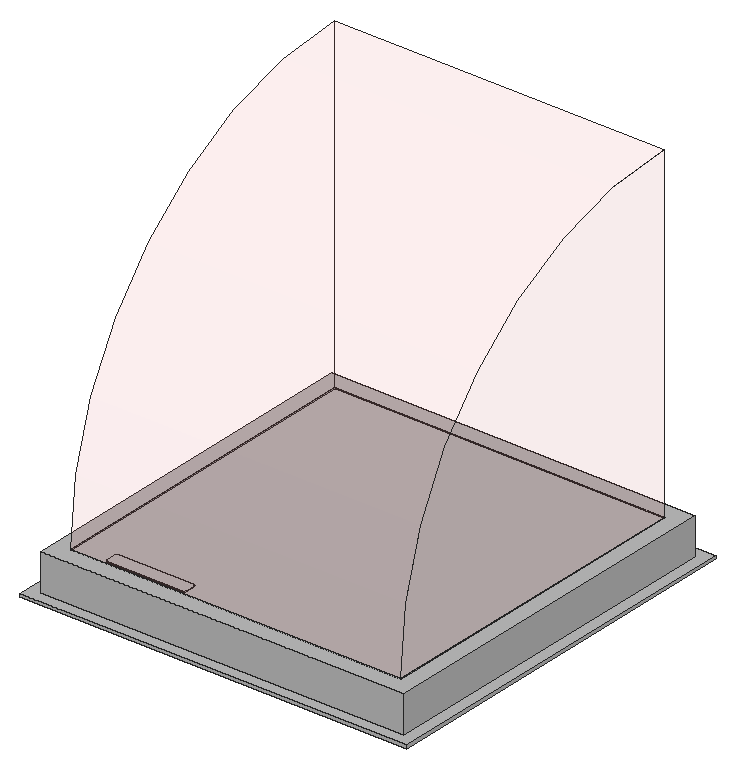
Revit family "Door_Access_Floor_Acudor_FC-300", category Generic Models, host Face, Revit 2020
Family settings
  Host = Face
  Can host rebar = No
  Round Connector Dimension = Use Diameter
  Part Type = Normal
  Cut with Voids When Loaded = No
  Shared = No
  Room Calculation Point = No
Parameters
  halfswing = (Door Width / 2)  # 1' - 2 1/2"
  Warranty Duration (Years) = 0
  Unit Width = 2' - 0"
  Unit Weight = 0
  Unit Height = 2' - 0"
  Unit Depth = 0' - 3 1/2"
  URL = "http://www.acudor.com/"
  Test Data = ""
  Swing Clearance Visible [instance] = yes
  Standards Conformance = "as Specified"
  Specification = ""
  SpecWizard = ""
  SingleSwing [instance] = and(Single Leaf, Swing Clearance Visible)  # yes
  Single Leaf = Unit Width < 4' 0"  # yes
  Send Message = ""
  Sales Information = "http://www.acudor.com/contactus"
  Revision = "R1_2017-03"
  Product Properties = ""
  Product Data = "http://www.arcat.com/arcatcos/cos30/arc30126.html"
  Overall Width = 2' - 8"
  Overall Height = 2' - 8"
  Opening Width = Unit Width  # 2' - 0"
  Opening Height = Unit Height  # 2' - 0"
  Opening Depth [instance] = 1' - 0"
  Model = "As Specified"
  Manufacturer Website = "http://www.acudor.com/"
  Manufacturer Phone - Toll Free = "800-722-0501"
  Manufacturer Phone = "973-575-5120"
  Manufacturer Fax = "973-575-5160"
  Manufacturer Address = "80 Little Falls Rd.  Fairfield, NJ 07004"
  Manufacturer = "Acudor Products Inc"
  Maintenance Schedule (Months) = 0
  Keynote = ""
  Installation-Fabrication = ""
  Installation Phase = ""
  Green Building-LEED = "http://www.arcat.com/green/clients/leed_data_30126.html"
  Frame Finish [instance] = Metal - Acudor - Aluminum
  Fixture Finish [instance] = Metal - Acudor - Aluminum Diamond Plated
  Expected Lifespan (Years) = 0
  Drawn By = "Sumex Design, Inc. / Robert S. Weygant, CSI, CDT, SCIP"
  DoubleSwing [instance] = and(Double Leaf, Swing Clearance Visible)  # no
  Double Leaf = not(Single Leaf)  # no
  Door Width = Overall Width - 0' 3"  # 2' - 5"
  Door Height = Overall Height - 0' 3"  # 2' - 5"
  Description = "Acudor Product as Specified"
  Default Elevation = 0' - 0"  # constant formula
  Copyright = "©Arcat Inc."
  Construction Details = ""
  Clearance Material [instance] = ARCAT Clearance
  Clear Opening Width = 1' - 8"
  Clear Opening Height = 2' - 0"
  Capacity = "as Specified"
  Available Options [instance] = "as Specified"
  Assembly Code = ""
Reference planes (in)
  plane 1 "Center (Front/Back)": y = 1.28343
  plane 2: z = 0
  plane 3 "Center (Left/Right)": x = 0
  plane 4: y = 13.28343
  plane 5: y = -10.71657
  plane 6: x = -12
  plane 7: x = 12
  plane 8: z = 0
  plane 9: y = 17.28343
  plane 10: y = -14.71657
  plane 11: x = -16
  plane 12: x = 16
  plane 13: z = -3.5
  plane 14: x = -12
  plane 15: x = 12
  plane 16: y = 13.28343
  plane 17: y = -10.71657
  plane 18: z = -12
  plane 19: y = 15.78343
  plane 20: y = -13.21657
  plane 21: x = -14.5
  plane 22: x = 14.5
Forms (in)
  Extrusion 1, void
    sketch origin (0, 0, 0) x (1, 0, 0) y (0, 1, 0)
      loop
        line (-12, 13.28343) -> (-12, -10.71657) -> (12, -10.71657) -> (12, 13.28343) -> (-12, 13.28343)
    from -12 to 0
  Extrusion 2, void
    sketch origin (0, 0, 0) x (1, 0, 0) y (0, 1, 0)
      loop
        line (-16, 17.28343) -> (-16, -14.71657) -> (16, -14.71657) -> (16, 17.28343) -> (-16, 17.28343)
    from 0 to -3.5
  Sweep 3, solid, material "Metal - Acudor - Aluminum" <- "Frame Finish"
    path origin (0, 0, 0) x (1, 0, 0) y (0, 1, 0)
      loop
        line (-16, 17.28343) -> (-16, -14.71657) -> (16, -14.71657) -> (16, 17.28343) -> (-16, 17.28343)
    profile origin (0, 17.28343, 0) x (0, 1, 0) y (0, 0, 1)
      loop
        line (0, 0) -> (-1.5, 0) -> (-1.5, -0.25) -> (-0.25, -0.25) -> (-0.25, -3.25) -> (-3.75, -3.25) -> (-3.75, -0.25) -> (-4, -0.25) -> (-4, -3.5) -> (1, -3.5) -> (1, -3.25) -> (0, -3.25) -> (0, 0)
  Extrusion 4, solid, material "Metal - Acudor - Aluminum Diamond Plated" <- "Fixture Finish", visible <- "Single Leaf"
    sketch origin (0, 0, 0) x (1, 0, 0) y (0, 1, 0)
      loop
        line (-14.5, 15.78343) -> (-14.5, -13.21657) -> (14.5, -13.21657) -> (14.5, 15.78343) -> (-14.5, 15.78343)
    from 0 to -0.25
  Extrusion 5, solid, material "Metal - Acudor - Aluminum" <- "Frame Finish", visible <- "Single Leaf"
    sketch origin (0, 0, 0) x (1, 0, 0) y (0, 1, 0)
      loop
        arc (-11.44431, -11.76889) -> (-11.62109, -11.84211) -> (-11.69431, -12.01889) r 0.25
        line (-11.69431, -12.01889) -> (-11.69431, -12.76889)
        arc (-11.69431, -12.76889) -> (-11.62109, -12.94567) -> (-11.44431, -13.01889) r 0.25
        line (-11.44431, -13.01889) -> (-4.94431, -13.01889)
        arc (-4.94431, -13.01889) -> (-4.76754, -12.94567) -> (-4.69431, -12.76889) r 0.25
        line (-4.69431, -12.76889) -> (-4.69431, -12.01889)
        arc (-4.69431, -12.01889) -> (-4.76754, -11.84211) -> (-4.94431, -11.76889) r 0.25
        line (-4.94431, -11.76889) -> (-11.44431, -11.76889)
    from 0 to -0.25
  Extrusion 6, solid, material "Metal - Acudor - Aluminum" <- "Frame Finish", visible <- "Single Leaf"
    sketch origin (0, 0, 0) x (1, 0, 0) y (0, 1, 0)
      loop
        line (-11.25, 12.53343) -> (-11.25, -9.96489) -> (11.24832, -9.96489) -> (11.24832, 12.53343) -> (-11.25, 12.53343)
    from -1.75 to -0.25
  Extrusion 7, solid, material "Metal - Acudor - Aluminum Diamond Plated" <- "Fixture Finish", visible <- "Double Leaf"
    sketch origin (0, 0, 0) x (1, 0, 0) y (0, 1, 0)
      loop
        line (-14.5, 15.78343) -> (-14.5, -13.21657) -> (0, -13.21657) -> (0, 15.78343) -> (-14.5, 15.78343)
    from 0 to -0.25
  Extrusion 8, solid, material "Metal - Acudor - Aluminum Diamond Plated" <- "Fixture Finish", visible <- "Double Leaf"
    sketch origin (0, 0, 0) x (-1, 0, 0) y (0, -1, 0)
      loop
        line (-14.5, -15.78343) -> (0, -15.78343) -> (0, 13.21657) -> (-14.5, 13.21657) -> (-14.5, -15.78343)
    from 0 to -0.25
  Extrusion 9, solid, material "Metal - Acudor - Aluminum" <- "Frame Finish", visible <- "Double Leaf"
    sketch origin (0, 0, 0) x (1, 0, 0) y (0, 1, 0)
      loop
        line (-11.25, 12.53343) -> (-11.25, -9.96489) -> (0, -9.96489) -> (0, 12.53343) -> (-11.25, 12.53343)
    from -1.75 to -0.25
  Extrusion 10, solid, material "Metal - Acudor - Aluminum" <- "Frame Finish", visible <- "Double Leaf"
    sketch origin (0, 0, 0) x (-1, 0, 0) y (0, -1, 0)
      loop
        line (-11.25, -12.53343) -> (0, -12.53343) -> (0, 9.96489) -> (-11.25, 9.96489) -> (-11.25, -12.53343)
    from -1.75 to -0.25
  Extrusion 11, solid, material "Metal - Acudor - Aluminum" <- "Frame Finish", visible <- "Double Leaf"
    sketch origin (2.19992, 0, 0) x (1, 0, 0) y (0, 1, 0)
      loop
        arc (-12.44992, -11.76889) -> (-12.62669, -11.84211) -> (-12.69992, -12.01889) r 0.25
        line (-12.69992, -12.01889) -> (-12.69992, -12.76889)
        arc (-12.69992, -12.76889) -> (-12.62669, -12.94567) -> (-12.44992, -13.01889) r 0.25
        line (-12.44992, -13.01889) -> (-5.94992, -13.01889)
        arc (-5.94992, -13.01889) -> (-5.77314, -12.94567) -> (-5.69992, -12.76889) r 0.25
        line (-5.69992, -12.76889) -> (-5.69992, -12.01889)
        arc (-5.69992, -12.01889) -> (-5.77314, -11.84211) -> (-5.94992, -11.76889) r 0.25
        line (-5.94992, -11.76889) -> (-12.44992, -11.76889)
      loop
        line (8.05008, -11.76889) -> (1.55008, -11.76889)
        arc (1.55008, -11.76889) -> (1.37331, -11.84211) -> (1.30008, -12.01889) r 0.25
        line (1.30008, -12.01889) -> (1.30008, -12.76889)
        arc (1.30008, -12.76889) -> (1.37331, -12.94567) -> (1.55008, -13.01889) r 0.25
        line (1.55008, -13.01889) -> (8.05008, -13.01889)
        arc (8.05008, -13.01889) -> (8.22686, -12.94567) -> (8.30008, -12.76889) r 0.25
        line (8.30008, -12.76889) -> (8.30008, -12.01889)
        arc (8.30008, -12.01889) -> (8.22686, -11.84211) -> (8.05008, -11.76889) r 0.25
    from 0 to -0.25
  Extrusion 12, solid, material "ARCAT Clearance" <- "Clearance Material", visible <- "SingleSwing"
    sketch origin (0, 0, 0) x (0, 1, 0) y (0, 0, 1)
      loop
        arc (15.78343, 29) -> (-4.72267, 20.5061) -> (-13.21657, 0) r 29
        line (-13.21657, 0) -> (15.78343, 0) -> (15.78343, 29)
    from -14.5 to 14.5
  Extrusion 13, solid, material "ARCAT Clearance" <- "Clearance Material", visible <- "DoubleSwing"
    sketch origin (0, 1.28343, 0) x (1, 0, 0) y (0, 0, 1)
      loop
        arc (0, 0) -> (-4.24695, 10.25305) -> (-14.5, 14.5) r 14.5
        line (-14.5, 14.5) -> (-14.5, 0) -> (0, 0)
    from -14.5 to 14.5
  Extrusion 14, solid, material "ARCAT Clearance" <- "Clearance Material", visible <- "DoubleSwing"
    sketch origin (0, 1.28343, 0) x (-1, 0, 0) y (0, 0, -1)
      loop
        line (0, 0) -> (-14.5, 0) -> (-14.5, -14.5)
        arc (-14.5, -14.5) -> (-4.24695, -10.25305) -> (0, 0) r 14.5
    from -14.5 to 14.5
Lines and regions (in)
  model lines, style "GenericModelHiddenLines", visible <- "Single Leaf"
    curve 1: line (-14.5, -13.21657, 0) -> (0, 15.78343, 0)
    curve 2: line (0, 15.78343, 0) -> (14.5, -13.21657, 0)
  model lines, style "GenericModelHiddenLines", visible <- "Double Leaf"
    curve 3: line (0, 15.78343, 0) -> (-14.5, 1.28343, 0)
    curve 4: line (-14.5, 1.28343, 0) -> (0, -13.21657, 0)
    curve 5: line (0, -13.21657, 0) -> (14.5, 1.28343, 0)
    curve 6: line (14.5, 1.28343, 0) -> (0, 15.78343, 0)
Dimensions and locks (in)
  locked: plane 8 to level
  equal spacing: plane 4, plane 1 "Center (Front/Back)", plane 5
  "Unit Height": plane 4 to plane 5
  equal spacing: plane 6, plane 3 "Center (Left/Right)", plane 7
  "Unit Width": plane 6 to plane 7
  equal spacing: plane 11, plane 3 "Center (Left/Right)", plane 12
  equal spacing: plane 9, plane 1 "Center (Front/Back)", plane 10
  "Overall Width": plane 11 to plane 12
  "Overall Height": plane 9 to plane 10
  "Unit Depth": plane 8 to plane 13
  equal spacing: plane 16, plane 1 "Center (Front/Back)", plane 17
  equal spacing: plane 14, plane 3 "Center (Left/Right)", plane 15
  "Opening Width": plane 14 to plane 15
  "Opening Height": plane 16 to plane 17
  "Opening Depth": level to plane 18
  locked: plane 11 to Extrusion 4 sketch curve at 1.5
  locked: plane 9 to Extrusion 4 sketch curve at 1.5
  locked: Extrusion 4 sketch curve to plane 12 at 1.5
  locked: Extrusion 4 sketch curve to plane 10 at 1.5
  Extrusion 5 sketch curve to Extrusion 5 sketch curve to plane 10 = 0' - 1 1/4" locked, 0' - 1.69768" locked
  plane 11 to Extrusion 5 sketch curve to Extrusion 5 sketch curve = 0' - 4.30569" locked, 0' - 7" locked
  locked: Extrusion 6 sketch curve to plane 15 at 0.75168
  locked: plane 14 to Extrusion 6 sketch curve at 0.75
  locked: plane 16 to Extrusion 6 sketch curve at 0.75
  locked: Extrusion 6 sketch curve to plane 17 at 0.75168
  locked: plane 9 to Extrusion 8 sketch curve at 1.5
  locked: Extrusion 8 sketch curve to plane 12 at 1.5
  locked: Extrusion 8 sketch curve to plane 10 at 1.5
  locked: plane 9 to Extrusion 7 sketch curve at 1.5
  locked: Extrusion 7 sketch curve to plane 10 at 1.5
  locked: plane 11 to Extrusion 7 sketch curve at 1.5
  locked: plane 9 to plane 19 at 1.5
  locked: plane 20 to plane 10 at 1.5
  locked: plane 11 to plane 21 at 1.5
  locked: plane 22 to plane 12 at 1.5
  locked: plane 16 to Extrusion 9 sketch curve at 0.75
  locked: Extrusion 9 sketch curve to plane 17 at 0.75168
  locked: plane 14 to Extrusion 9 sketch curve at 0.75
  locked: plane 16 to Extrusion 10 sketch curve at 0.75
  locked: Extrusion 10 sketch curve to plane 17 at 0.75168
  locked: Extrusion 10 sketch curve to plane 15 at 0.75
  locked: Extrusion 11 sketch curve to Extrusion 11 sketch curve at 1.25  (x2)
  locked: Extrusion 11 sketch curve to Extrusion 11 sketch curve at 7  (x2)
  locked: Extrusion 11 sketch curve to plane 3 "Center (Left/Right)" at 3.5
  locked: plane 3 "Center (Left/Right)" to Extrusion 11 sketch curve at 3.5
  locked: plane 20 to Extrusion 11 sketch curve at 0.19768  (x2)
  "Door Height": radius of Extrusion 12 sketch curve
  "halfswing": radius of Extrusion 13 sketch curve
  "halfswing": radius of Extrusion 14 sketch curve
  aligned and locked: host face to plane 2
  aligned and locked: host face to level
  aligned and locked: Extrusion 1 sketch curve to plane 16
  aligned and locked: plane 14 to Extrusion 1 sketch curve
  aligned and locked: plane 17 to Extrusion 1 sketch curve
  aligned and locked: Extrusion 1 sketch curve to plane 15
  aligned and locked: Extrusion 1 to plane 18
  aligned and locked: plane 8 to Extrusion 1
  aligned and locked: Extrusion 2 sketch curve to plane 9
  aligned and locked: plane 11 to Extrusion 2 sketch curve
  aligned and locked: plane 10 to Extrusion 2 sketch curve
  aligned and locked: Extrusion 2 sketch curve to plane 12
  aligned and locked: Sweep 3 sketch curve to plane 9
  aligned and locked: plane 11 to Sweep 3 sketch curve
  aligned and locked: plane 10 to Sweep 3 sketch curve
  aligned and locked: Sweep 3 sketch curve to plane 12
  aligned and locked: Extrusion 8 sketch curve to plane 3 "Center (Left/Right)"
  aligned and locked: Extrusion 7 sketch curve to plane 3 "Center (Left/Right)"
  aligned and locked: plane 19 to curve 6
  aligned and locked: plane 3 "Center (Left/Right)" to curve 3
  aligned and locked: plane 3 "Center (Left/Right)" to curve 5
  aligned and locked: plane 20 to curve 4
  aligned and locked: plane 21 to curve 4
  aligned and locked: plane 1 "Center (Front/Back)" to curve 4
  aligned and locked: plane 1 "Center (Front/Back)" to curve 6
  aligned and locked: plane 22 to curve 6
  aligned and locked: Extrusion 9 sketch curve to plane 3 "Center (Left/Right)"
  aligned and locked: Extrusion 10 sketch curve to plane 3 "Center (Left/Right)"
  aligned and locked: Extrusion 12 sketch curve to plane 19
  aligned and locked: plane 21 to Extrusion 12
  aligned and locked: Extrusion 12 to plane 22
  aligned and locked: Extrusion 13 sketch curve to plane 21
  aligned and locked: Extrusion 14 sketch curve to plane 22
  aligned and locked: plane 20 to Extrusion 14
  aligned and locked: plane 20 to Extrusion 13
  aligned and locked: Extrusion 14 to plane 19
  aligned and locked: Extrusion 13 to plane 19
Automatic sketch dimensions
  host sketch curve to host sketch curve = 12' - 11.75605"
  host sketch curve to host sketch curve = 12' - 7.74281"
  Sweep 3 sketch curve to level = 0' - 0"
  Sweep 3 sketch curve to profile plane = 0' - 0"
  profile plane to Sweep 3 sketch curve = 0' - 0 1/4"
  Sweep 3 sketch curve to level = 0' - 0 1/4"  (x2)
  Sweep 3 sketch curve to Sweep 3 sketch curve = 0' - 1 1/4"
  Sweep 3 sketch curve to Sweep 3 sketch curve = 0' - 3 1/2"
  Sweep 3 sketch curve to Sweep 3 sketch curve = 0' - 0 1/4"  (x2)
  Sweep 3 sketch curve to profile plane = 0' - 1"
  Sweep 3 sketch curve to Sweep 3 sketch curve = 0' - 3"
  Sweep 3 sketch curve to Sweep 3 sketch curve = 0' - 0"
  Extrusion 5 sketch curve to Extrusion 5 sketch curve = 0' - 0 1/4"  (x4)
  curve 1 to Extrusion 4 = 0' - 0"  (x2)
  curve 2 to Extrusion 4 = 0' - 0"  (x2)
  Extrusion 4 to curve 2 = 0' - 0"
  curve 2 to Extrusion 4 = 1' - 2 1/2"
  Extrusion 11 sketch curve to Extrusion 11 sketch curve = 0' - 0 1/4"  (x8)
  Extrusion 12 sketch curve to level = 0' - 0"
  Extrusion 12 sketch curve to plane 20 = 0' - 0"
  Extrusion 13 sketch curve to level = 0' - 0"  (x2)
  Extrusion 14 sketch curve to level = 0' - 0"  (x2)
